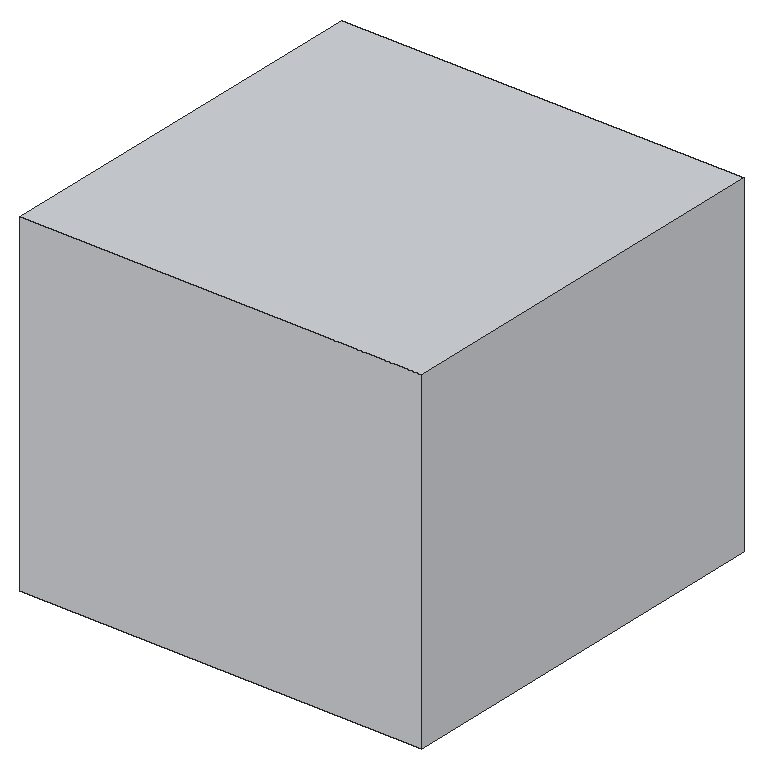
Revit family "2021_defaultFamily", category Generic Models, Revit 2022
Family settings
  Can host rebar = No
  Round Connector Dimension = Use Diameter
  Part Type = Normal
  Work Plane-Based = No
  Always vertical = Yes
  Cut with Voids When Loaded = No
  Maintain Annotation Orientation = No
  Shared = No
  Room Calculation Point = No
Parameters
  Default Elevation = 0 mm
Reference planes
  plane 1 "Center (Front/Back)": y = 0
  plane 2: z = 0
  plane 3 "Center (Left/Right)": x = 0
Forms (mm)
  Extrusion 1, solid
    sketch origin (0, 0, 0) x (1, 0, 0) y (0, 1, 0)
      loop
        line (0, 0) -> (300, 0) -> (300, 300) -> (0, 300) -> (0, 0)
    from 0 to 250
Dimensions and locks
  aligned and locked: level to plane 2
